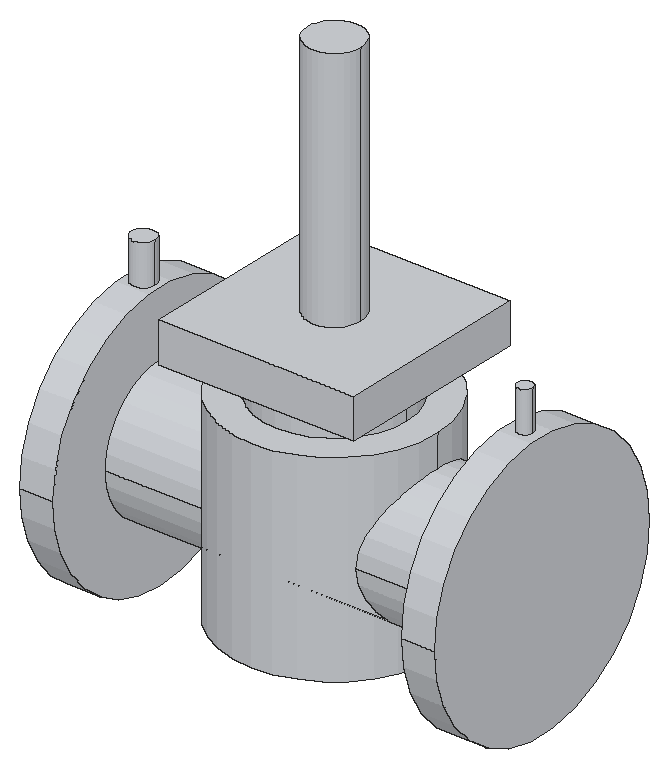
Revit family "OPTIMA_Compact_FLANGE_PN16_DN080-HF_RFA_2018", category Pipe Accessories, Revit 2018
Family settings
  Round Connector Dimension = Use Diameter
  Part Type = Valve - Breaks Into
  Work Plane-Based = No
  Always vertical = Yes
  Cut with Voids When Loaded = No
  Shared = No
Parameters (values of type "Optima Compact Flange PN16 DN080 HF")
  magiProductId = "Frese Optima Flange DN080 HF"
  magiProductFamilyId = "Frese Optima Flange *"
  magiPartTypeId = 304
  isMeasuringValve [instance] = no
  ang2D [instance] = 0.00°
  W2D = 50 mm
  VersionID = "2.0/2018.8.28.1/FRESE_OPTIMA_FLANGE_Q13_002"
  Use Minimum Symbol Size [instance] = yes
  URL = "www.hydronix.cz"
  Type Comments = "Přírubový; PN16; 0~120°C, s měřením"
  R4 = 54.25 mm
  R3 = 52 mm
  R1 = 77.5 mm
  QmdConnectorList = "301;D;302;D"
  Productdata [instance] = ""
  Manufacturer = "Hydronix"
  MC Product Code = "53-1212 (DN80 HF; 20mm; pohon min 1000N; Qmin-dpmin 7000l/h-23.0kPa; Qmax-dpmin 43000l/h-50.0kPa; dpmax 800kPa)"
  MC Piping Given Pressure Drop [instance] = 0.0 Pa
  LF__ve = -LF  # -24.8 mm
  LF2 = 12.4 mm
  LF = 24.8 mm
  L4 = 145.7 mm
  L3 = 260.4 mm
  L2D_Min = 3048 mm
  L2D = 230 mm
  L2 = 155 mm
  H6 = 183 mm
  H4 = 30 mm
  H3 = 25 mm
  H2 = 75 mm
  H1 = 150 mm
  Description = "Tlakově nezávislý 2-cestný regulační vyvažovací ventil (PICV)"
  DF2 = 100 mm
  D = 80 mm
  CAT0 = yes
Types (14, lengths in mm): name | magiProductId | magiProductFamilyId | W2D | Type Comments | R4 | R3 | R1 | MC Product Code | LF__ve | LF2 | LF | L4 | L3 | L2D | L2 | H6 | H4 | H3 | H2 | H1 | DF2 | D
  Optima Compact Flange PN16 DN050 LF | "Frese Optima Flange DN050 LF" | "Frese Optima Flange *" | 50 | "Přírubový; PN16; 0~120°C, s měřením" | 40.3 | 42.9 | 57.5 | "53-1200 (DN50 LF; 20mm; pohon min 1000N; Qmin-dpmin 2500l/h-6.5kPa; Qmax-dpmin 15000l/h-20.0kPa; dpmax 800kPa)" | -18.4 | 9.2 | 18.4 | 108.1 | 193.2 | 230 | 115 | 157.3 | 24.8 | 20.6 | 61.9 | 123.8 | 82.5 | 50
  Optima Compact Flange PN16 DN050 HF | "Frese Optima Flange DN050 HF" | "Frese Optima Flange *" | 50 | "Přírubový; PN16; 0~120°C, s měřením" | 40.25 | 42.9 | 57.5 | "53-1210 (DN50 HF; 20mm; pohon min 1000N; Qmin-dpmin 3900l/h-19.0kPa; Qmax-dpmin 24000l/h-50.0kPa; dpmax 800kPa)" | -18.4 | 9.2 | 18.4 | 108.1 | 193.2 | 230 | 115 | 157.25 | 24.75 | 20.625 | 61.875 | 123.75 | 82.5 | 50
  Optima Compact Flange PN16 DN065 LF | "Frese Optima Flange DN065 LF" | "Frese Optima Flange *" | 50 | "Přírubový; PN16; 0~120°C, s měřením" | 50.75 | 48.1 | 72.5 | "53-1201 (DN65 LF; 20mm; pohon min 1000N; Qmin-dpmin 4400l/h-15.0kPa; Qmax-dpmin 25000l/h-25.0kPa; dpmax 800kPa)" | -23.2 | 11.6 | 23.2 | 136.3 | 243.6 | 230 | 145 | 171.25 | 27.75 | 23.125 | 69.375 | 138.75 | 92.5 | 65
  Optima Compact Flange PN16 DN065 HF | "Frese Optima Flange DN065 HF" | "Frese Optima Flange *" | 50 | "Přírubový; PN16; 0~120°C, s měřením" | 50.75 | 48.1 | 72.5 | "53-1211 (DN65 HF; 20mm; pohon min 1000N; Qmin-dpmin 6000l/h-30.0kPa; Qmax-dpmin 35000l/h-55.0kPa; dpmax 800kPa)" | -23.2 | 11.6 | 23.2 | 136.3 | 243.6 | 230 | 145 | 171.25 | 27.75 | 23.125 | 69.375 | 138.75 | 92.5 | 65
  Optima Compact Flange PN16 DN080 LF | "Frese Optima Flange DN080 LF" | "Frese Optima Flange *" | 50 | "Přírubový; PN16; 0~120°C, s měřením" | 54.25 | 52 | 77.5 | "53-1202 (DN80 LF; 20mm; pohon min 1000N; Qmin-dpmin 5300l/h-16.0kPa; Qmax-dpmin 34000l/h-25.0kPa; dpmax 800kPa)" | -24.8 | 12.4 | 24.8 | 145.7 | 260.4 | 230 | 155 | 183 | 30 | 25 | 75 | 150 | 100 | 80
  Optima Compact Flange PN16 DN080 HF | "Frese Optima Flange DN080 HF" | "Frese Optima Flange *" | 50 | "Přírubový; PN16; 0~120°C, s měřením" | 54.25 | 52 | 77.5 | "53-1212 (DN80 HF; 20mm; pohon min 1000N; Qmin-dpmin 7000l/h-23.0kPa; Qmax-dpmin 43000l/h-50.0kPa; dpmax 800kPa)" | -24.8 | 12.4 | 24.8 | 145.7 | 260.4 | 230 | 155 | 183 | 30 | 25 | 75 | 150 | 100 | 80
  Optima Compact Flange PN16 DN100 LF | "Frese Optima Flange DN100 LF" | "Frese Optima Flange *" | 50 | "Přírubový; PN16; 0~120°C, s měřením" | 61.25 | 61.1 | 87.5 | "53-1203 (DN100 LF; 40mm; pohon min 1000N; Qmin-dpmin 12100l/h-20.0kPa; Qmax-dpmin 68000l/h-35.0kPa; dpmax 800kPa)" | -28 | 14 | 28 | 164.5 | 294 | 230 | 175 | 268.75 | 35.25 | 29.375 | 88.125 | 176.25 | 117.5 | 100
  Optima Compact Flange PN16 DN100 HF | "Frese Optima Flange DN100 HF" | "Frese Optima Flange *" | 50 | "Přírubový; PN16; 0~120°C, s měřením" | 61.25 | 61.1 | 87.5 | "53-1213 (DN100 HF; 40mm; pohon min 1000N; Qmin-dpmin 14800l/h-30.0kPa; Qmax-dpmin 90000l/h-75.0kPa; dpmax 800kPa)" | -28 | 14 | 28 | 164.5 | 294 | 230 | 175 | 268.75 | 35.25 | 29.375 | 88.125 | 176.25 | 117.5 | 100
  Optima Compact Flange PN16 DN125 LF | "Frese Optima Flange DN125 LF" | "Frese Optima Flange *" | 50 | "Přírubový; PN16; 0~120°C, s měřením" | 70 | 70.2 | 100 | "53-1204 (DN125 LF; 40mm; pohon min 1000N; Qmin-dpmin 18500l/h-16.0kPa; Qmax-dpmin 110000l/h-35.0kPa; dpmax 800kPa)" | -32 | 16 | 32 | 188 | 336 | 230 | 200 | 275.5 | 40.5 | 33.75 | 101.25 | 202.5 | 135 | 125
  Optima Compact Flange PN16 DN125 HF | "Frese Optima Flange DN125 HF" | "Frese Optima Flange *" | 50 | "Přírubový; PN16; 0~120°C, s měřením" | 70 | 70.2 | 100 | "53-1214 (DN125 HF; 40mm; pohon min 1000N; Qmin-dpmin 23000l/h-27.0kPa; Qmax-dpmin 135000l/h-53.0kPa; dpmax 800kPa)" | -32 | 16 | 32 | 188 | 336 | 230 | 200 | 275.5 | 40.5 | 33.75 | 101.25 | 202.5 | 135 | 125
  Optima Compact Flange PN16 DN150 LF | "Frese Optima Flange DN150 LF" | "Frese Optima Flange *" | 50 | "Přírubový; PN16; 0~110°C, s měřením" | 84 | 74.1 | 120 | "53-1205 (DN150 LF; 43mm; pohon min 1500N; Qmin-dpmin 25600l/h-21.0kPa; Qmax-dpmin 148000l/h-35.0kPa; dpmax 800kPa)" | -38.4 | 19.2 | 38.4 | 225.6 | 403.2 | 230 | 240 | 279.25 | 42.75 | 35.625 | 106.875 | 213.75 | 142.5 | 150
  Optima Compact Flange PN16 DN150 HF | "Frese Optima Flange DN150 HF" | "Frese Optima Flange *" | 50 | "Přírubový; PN16; 0~110°C, s měřením" | 84 | 74.1 | 120 | "53-1215 (DN150 HF; 43mm; pohon min 1500N; Qmin-dpmin 32000l/h-33.0kPa; Qmax-dpmin 195000l/h-65.0kPa; dpmax 800kPa)" | -38.4 | 19.2 | 38.4 | 225.6 | 403.2 | 230 | 240 | 279.25 | 42.75 | 35.625 | 106.875 | 213.75 | 142.5 | 150
  Optima Compact Flange PN16 DN200 LF | "" | "" | 100 | "Přírubový; PN16; 0~110°C, s měřením" | 164.5 | 98.8 | 235 | "53-1206 (DN200 LF; 43mm; pohon min 1500N; Qmin-dpmin 95000l/h-11.0kPa; Qmax-dpmin 210000l/h-32.0kPa; dpmax 800kPa)" | -48 | 24 | 48 | 282 | 504 | 350 | 300 | 281 | 57 | 15 | 209 | 380 | 190 | 200
  Optima Compact Flange PN16 DN200 HF | "" | "" | 100 | "Přírubový; PN16; 0~110°C, s měřením" | 164.5 | 98.8 | 235 | "53-1216 (DN200 HF; 43mm; pohon min 1500N; Qmin-dpmin 130000l/h-31.0kPa; Qmax-dpmin 280000l/h-78.0kPa; dpmax 800kPa)" | -48 | 24 | 48 | 282 | 504 | 350 | 300 | 281 | 57 | 15 | 209 | 380 | 190 | 200
Reference planes
  plane 1 "Center (Front/Back)": y = 0
  plane 2 "XYPLANE": z = 0
  plane 3 "Center (Left/Right)": x = 0
  plane 4 "157": x = 142.6
  plane 5 "156": x = -142.6
  plane 6 "155": z = 100
  plane 7 "154": z = 130
  plane 8 "153": z = 100
  plane 9 "152": z = 75
  plane 10 "151": x = -130.2
  plane 11 "150": z = -75
  plane 12 "149": x = 0
  plane 13 "148": y = 0
  plane 14 "147": z = 0
  plane 15 "146": x = -155
  plane 16 "145": x = 155
Forms (mm)
  Extrusion 1, solid, visible <- "CAT0"
    sketch origin (-750, 0, 100) x (1, 0, 0) y (0, 1, 0)
      loop
        circle (892.6, 0) r 5.5
    from 0 to 30
  Extrusion 2, solid, visible <- "CAT0"
    sketch origin (-750, 0, 100) x (1, 0, 0) y (0, 1, 0)
      loop
        circle (607.4, 0) r 8.7
    from 0 to 30
  Extrusion 3, solid, visible <- "CAT0"
    sketch origin (-750, 0, 130) x (1, 0, 0) y (0, 1, 0)
      loop
        circle (750, 0) r 20
    from 0 to 183 <- "H6"
  Extrusion 4, solid, visible <- "CAT0"
    sketch origin (-750, 0, 100) x (1, 0, 0) y (0, 1, 0)
      loop
        line (822.85, 72.85) -> (677.15, 72.85) -> (677.15, -72.85) -> (822.85, -72.85) -> (822.85, 72.85)
    from 0 to 30 <- "H4"
  Extrusion 5, solid, visible <- "CAT0"
    sketch origin (-750, 0, 75) x (1, 0, 0) y (0, 1, 0)
      loop
        circle (750, 0) r 54.25
    from 0 to 25 <- "H3"
  Extrusion 6, solid, visible <- "CAT0"
    sketch origin (-130.2, -750, 0) x (0, 1, 0) y (0, 0, 1)
      loop
        circle (750, 0) r 52
    from 0 to 260.4 <- "L3"
  Extrusion 7, solid, visible <- "CAT0"
    sketch origin (-750, 0, -75) x (1, 0, 0) y (0, 1, 0)
      loop
        circle (750, 0) r 77.5
    from 0 to 150 <- "H1"
  Extrusion 8, solid, visible <- "CAT0"
    sketch origin (-155, -750, 0) x (0, 1, 0) y (0, 0, 1)
      loop
        circle (750, 0) r 100
    from 0 to 24.8 <- "LF"
  Extrusion 9, solid, visible <- "CAT0"
    sketch origin (155, -750, 0) x (0, 1, 0) y (0, 0, 1)
      loop
        circle (750, 0) r 100
    from 0 to -24.8 <- "LF__ve"
  Extrusion 10, solid, not visible
    sketch origin (-155, -750, 0) x (0, 1, 0) y (0, 0, 1)
      loop
        circle (750, 0) r 10
    from 0 to 10
  Extrusion 11, solid, not visible
    sketch origin (155, -750, 0) x (0, 1, 0) y (0, 0, 1)
      loop
        circle (750, 0) r 10
    from 0 to -10
Lines and regions (mm)
  reference lines, not visible
    curve 1: circle (2, 2, 0) r 1 normal (0, 0, 1)
  reference lines
    curve 2: circle (0, 0, 100) r 1 normal (0, 0, 1)
Dimensions and locks
  plane 1 "Center (Front/Back)" to curve 1 = 2 mm
  "LF2": plane 16 "145" to plane 4 "157"
  "LF2": plane 15 "146" to plane 5 "156"
  "DF2": plane 2 "XYPLANE" to plane 6 "155"
  "H4": plane 8 "153" to plane 7 "154"
  "H3": plane 9 "152" to plane 8 "153"
  "H1": plane 11 "150" to plane 9 "152"
  "LF": plane 15 "146" to plane 10 "151"
  "H2": plane 2 "XYPLANE" to plane 11 "150"
  locked: plane 3 "Center (Left/Right)" to plane 12 "149"
  locked: plane 1 "Center (Front/Back)" to plane 13 "148"
  locked: plane 2 "XYPLANE" to plane 14 "147"
  "L2": plane 3 "Center (Left/Right)" to plane 15 "146"
  "L2": plane 3 "Center (Left/Right)" to plane 16 "145"
  equal spacing: Extrusion 4 sketch curve, curve 2, Extrusion 4 sketch curve  (x2)
  "L4": Extrusion 4 sketch curve to Extrusion 4 sketch curve  (x2)
  Extrusion 4 sketch curve to Extrusion 4 sketch curve = 0 mm  (x8)
  "R4": radius of Extrusion 5 sketch curve
  "R3": radius of Extrusion 6 sketch curve
  "R1": radius of Extrusion 7 sketch curve
  "DF2": radius of Extrusion 8 sketch curve
  "DF2": radius of Extrusion 9 sketch curve
  aligned and locked: level to plane 2 "XYPLANE"
  aligned and locked: plane 4 "157" to Extrusion 1 sketch curve
  aligned and locked: plane 13 "148" to Extrusion 1 sketch curve
  aligned and locked: plane 5 "156" to Extrusion 2 sketch curve
  aligned and locked: plane 13 "148" to Extrusion 2 sketch curve
  aligned and locked: plane 12 "149" to Extrusion 3 sketch curve
  aligned and locked: plane 13 "148" to Extrusion 3 sketch curve
  aligned and locked: plane 12 "149" to curve 2
  aligned and locked: plane 13 "148" to curve 2
  aligned and locked: plane 12 "149" to Extrusion 5 sketch curve
  aligned and locked: plane 13 "148" to Extrusion 5 sketch curve
  aligned and locked: Extrusion 6 sketch curve to plane 13 "148"
  aligned and locked: plane 14 "147" to Extrusion 6 sketch curve
  aligned and locked: plane 12 "149" to Extrusion 7 sketch curve
  aligned and locked: plane 13 "148" to Extrusion 7 sketch curve
  aligned and locked: Extrusion 8 sketch curve to plane 13 "148"
  aligned and locked: plane 14 "147" to Extrusion 8 sketch curve
  aligned and locked: Extrusion 9 sketch curve to plane 13 "148"
  aligned and locked: plane 14 "147" to Extrusion 9 sketch curve
  aligned and locked: Extrusion 10 sketch curve to plane 13 "148"
  aligned and locked: plane 14 "147" to Extrusion 10 sketch curve
  aligned and locked: Extrusion 11 sketch curve to plane 13 "148"
  aligned and locked: plane 14 "147" to Extrusion 11 sketch curve
Automatic sketch dimensions
  Extrusion 1 sketch curve to plane 4 "157" = 5.5 mm
  plane 15 "146" to Extrusion 2 sketch curve = 3.7 mm
  Extrusion 3 sketch curve to plane 3 "Center (Left/Right)" = 20 mm
  plane 1 "Center (Front/Back)" to Extrusion 10 sketch curve = 10 mm
  plane 1 "Center (Front/Back)" to Extrusion 11 sketch curve = 10 mm
  plane 3 "Center (Left/Right)" to curve 1 = 2 mm
  plane 10 "151" to Extrusion 4 sketch curve = 57.35 mm
  plane 1 "Center (Front/Back)" to Extrusion 4 sketch curve = 72.85 mm
  radius of curve 2 = 1 mm
  radius of curve 1 = 1 mm
Connectors
  piping at (-155, 0, 0), diameter 80, driven by "D"
    settings: on Extrusion 10, index 1, connector inside diameter 609.6 mm, connector length 0 mm, flow factor 0, pipe flow 0.0 L/s, pressure drop 0.0 Pa, fitting loss kfactor 0, connector angle 0.00°, fixture units 0, engagement length 0 mm, angle of deflection 0.00°, flow configuration 0, flow direction 0, fitting loss method 0, system type 29, joint type 0, gender type 0, connector reference index 2, connector utility 0, adjustable connector no, is connector primary yes, connector description ""
  piping at (155, 0, 0), diameter 80, driven by "D"
    settings: on Extrusion 11, index 2, connector inside diameter 609.6 mm, connector length 0 mm, flow factor 0, pipe flow 0.0 L/s, pressure drop 0.0 Pa, fitting loss kfactor 0, connector angle 0.00°, fixture units 0, engagement length 0 mm, angle of deflection 0.00°, flow configuration 0, flow direction 0, fitting loss method 0, system type 29, joint type 0, gender type 0, connector reference index 1, connector utility 0, adjustable connector no, is connector primary no, connector description ""
